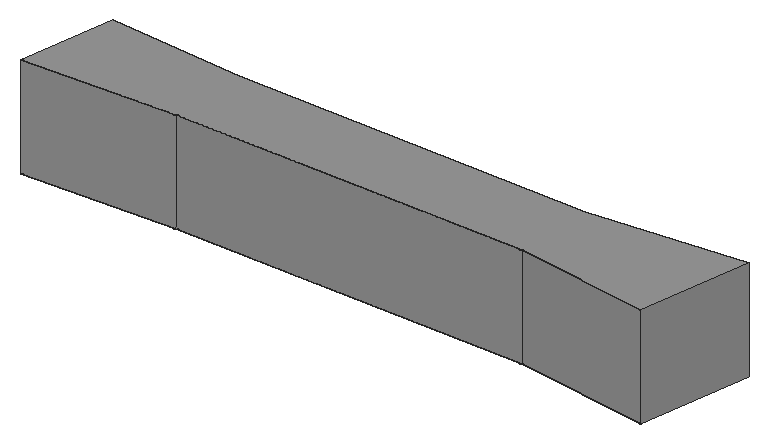
Revit family "RC_TaperBeam", category 構造フレーム, Revit 2024
Family settings
  断面形状 = 未定義
  モデルのマテリアルの動作 = その他
  常にジオメトリとして書き出し = いいえ
  OmniClass 番号 = 23.25.30.11.14.14
  OmniClass タイトル = Beams
  常に垂直 = はい
  ロード時にボイドで切り取り = いいえ
  記号表現 = ファミリから
  共有 = いいえ
  平面図にファミリ プレカットを表示 = はい
Parameters (values of type "RC_TaperBeam")
  Length [instance] = 9000 mm
  下フカシ [instance] = 0 mm
  上フカシ [instance] = 0 mm
  visible_up [instance] = not(下フカシ < 10 mm)  # no
  visible_bottom [instance] = not(上フカシ < 10 mm)  # no
  jw_R2 [instance] = 700 mm
  jw_L2 [instance] = 700 mm
  j_taper_dist [instance] = 1800 mm
  j_center_offset [instance] = 0 mm
  iw_R2 [instance] = 600 mm
  iw_L2 [instance] = 600 mm
  i_taper_offset [instance] = 0 mm
  i_taper_dist [instance] = 1800 mm
  i_column_offset [instance] = 250 mm
  i_center_offset [instance] = 0 mm
  fukashi_up [instance] = if(上フカシ < 10 mm, 1 mm, 上フカシ)  # 1 mm
  fukashi_bottom [instance] = if(下フカシ < 10 mm, 1 mm, 下フカシ)  # 1 mm
  angle [instance] = 0.00°
  H [instance] = 1300 mm
  End_angle [instance] = 80.00°
  Base_W [instance] = 1000 mm
  L [instance] = 8000 mm
Types (16, lengths in mm): name | 下フカシ | 上フカシ | visible_up | visible_bottom | fukashi_up | fukashi_bottom | End_angle | L
  RC_TaperBeam | 0 | 0 | no | no | 1 | 1 | 80.00° | 8000
  GY2 | 50 | 50 | yes | yes | 50 | 50 | 70.00° | 8500
  GY16 | 50 | 50 | yes | yes | 50 | 50 | 70.00° | 8500
  GY1 | 50 | 50 | yes | yes | 50 | 50 | 70.00° | 8500
  GY3 | 50 | 50 | yes | yes | 50 | 50 | 70.00° | 8500
  GY5 | 50 | 50 | yes | yes | 50 | 50 | 70.00° | 8500
  GY15 | 50 | 50 | yes | yes | 50 | 50 | 70.00° | 8500
  GY10 | 50 | 50 | yes | yes | 50 | 50 | 70.00° | 8500
  GY4 | 50 | 50 | yes | yes | 50 | 50 | 70.00° | 8500
  GY2A | 50 | 50 | yes | yes | 50 | 50 | 70.00° | 8500
  GY5A | 50 | 50 | yes | yes | 50 | 50 | 70.00° | 8500
  GY1A | 50 | 50 | yes | yes | 50 | 50 | 70.00° | 8500
  GY4A | 50 | 50 | yes | yes | 50 | 50 | 70.00° | 8500
  GY4BW | 50 | 50 | yes | yes | 50 | 50 | 70.00° | 8500
  GY10D | 0 | 0 | no | no | 1 | 1 | 70.00° | 8500
  GY10A | 0 | 0 | no | no | 1 | 1 | 70.00° | 8500
Reference planes
  plane 1 "中心(正面/背面)": y = 0
  plane 2 "中心立面図": z = 0
  plane 3 "中心(左/右)": x = 0
  plane 4 "左": x = -4250
  plane 5 "部材左": x = -4000
  plane 6 "スティック記号左": x = -1000
  plane 7 "右": x = 4750
  plane 8 "部材右": x = 4000
  plane 9 "スティック記号右": x = 1000
  plane 10: y = 500
  plane 11: y = -500
  plane 12: x = -2200
  plane 13: x = 2200
  plane 14: y = 600
  plane 15: y = -600
  plane 16: y = 700
  plane 17: y = -700
  plane 18: through (-3804.963, 1106.112, 1219.2) normal (0.9848, -0.1736, 0)
  plane 19: through (3767.748, -1317.167, 1219.2) normal (-0.9848, 0.1736, 0)
  plane 20: z = -1300
  plane 21: x = -4000
  plane 22: x = 4000
  plane 23: z = 1
  plane 24: z = -1301
Forms (mm)
  Extrusion 1, solid, material "コンクリート、現場打ち、灰色"
    sketch origin (0, 0, 0) x (1, 0, 0) y (0, 1, 0)
      loop
        line (-2200, 500) -> (-2200, -500) -> (2200, -500) -> (2200, 500) -> (-2200, 500)
    from -1300 to 0
  Extrusion 2, solid, material "コンクリート、現場打ち、灰色"
    sketch origin (0, 0, 0) x (1, 0, 0) y (0, 1, 0)
      loop
        line (-2200, 500) -> (-3894.204, 600) -> (-4105.796, -600) -> (-2200, -500) -> (-2200, 500)
    from -1300 to 0
  Extrusion 3, solid, material "コンクリート、現場打ち、灰色"
    sketch origin (0, 0, 0) x (1, 0, 0) y (0, 1, 0)
      loop
        line (2200, -500) -> (3876.571, -700) -> (4123.429, 700) -> (2200, 500) -> (2200, -500)
    from -1300 to 0
  Extrusion 4, solid, material "コンクリート、現場打ち、灰色(フカシ部)"
    sketch origin (0, 0, 0) x (1, 0, 0) y (0, 1, 0)
      loop
        line (-3894.204, 600) -> (-4105.796, -600) -> (-2200, -500) -> (2200, -500) -> (3876.571, -700) -> (4123.429, 700) -> (2200, 500) -> (-2200, 500) -> (-3894.204, 600)
    from 0 to 1
  Extrusion 5, solid, material "コンクリート、現場打ち、灰色(フカシ部)"
    sketch origin (0, 0, 0) x (1, 0, 0) y (0, 1, 0)
      loop
        line (-3894.204, 600) -> (-4105.796, -600) -> (-2200, -500) -> (2200, -500) -> (3876.571, -700) -> (4123.429, 700) -> (2200, 500) -> (-2200, 500) -> (-3894.204, 600)
    from -1301 to -1300
Cuts and joins
  joined: Extrusion 1, Extrusion 2, Extrusion 3
Lines and regions (mm)
  model lines, style "スティック記号", detail levels coarse
    curve 1: line (-1000, 0, 0) -> (1000, 0, 0)
  reference lines
    curve 2: line (-4000, 0, 0) -> (-3833.298, 945.415, 0)
    curve 3: line (4000, 0, 0) -> (3791.622, -1181.769, 0)
    curve 4: line (-2200, 500, 0) -> (-3894.204, 600, 0)
    curve 5: line (-4105.796, -600, 0) -> (-2200, -500, 0)
    curve 6: line (-2200, -500, 0) -> (-2200, 500, 0)
    curve 7: line (2200, 500, 0) -> (2200, -500, 0)
    curve 8: line (2200, 500, 0) -> (4123.429, 700, 0)
    curve 9: line (3876.571, -700, 0) -> (2200, -500, 0)
Dimensions and locks
  "Length": plane 4 "左" to plane 7 "右"
  equal spacing: plane 11, plane 1 "中心(正面/背面)", plane 10
  "Base_W": plane 11 to plane 10
  plane 12 to plane 13 = 4400 mm
  "iw_L2": plane 1 "中心(正面/背面)" to plane 14
  "iw_R2": plane 15 to plane 1 "中心(正面/背面)"
  "jw_L2": plane 1 "中心(正面/背面)" to plane 16
  "jw_R2": plane 17 to plane 1 "中心(正面/背面)"
  "H": level to plane 20
  "i_taper_dist": plane 21 to plane 12
  "j_taper_dist": plane 13 to plane 22
  equal spacing: plane 21, plane 3 "中心(左/右)", plane 22
  "L": plane 21 to plane 22
  "fukashi_up": plane 23 to plane 2 "中心立面図"
  "fukashi_bottom": plane 24 to plane 20
  "End_angle": angle plane 1 "中心(正面/背面)" to curve 2
  "End_angle": angle plane 1 "中心(正面/背面)" to plane 18
  "End_angle": angle plane 1 "中心(正面/背面)" to curve 3
  "End_angle": angle plane 1 "中心(正面/背面)" to plane 19
  aligned and locked: plane 1 "中心(正面/背面)" to curve 1
  aligned and locked: plane 6 "スティック記号左" to curve 1
  aligned and locked: plane 9 "スティック記号右" to curve 1
  aligned and locked: level to plane 2 "中心立面図"
  aligned and locked: plane 12 to curve 4
  aligned and locked: plane 13 to curve 7
  aligned and locked: plane 21 to plane 5 "部材左"
  aligned and locked: plane 22 to plane 8 "部材右"
  aligned and locked: plane 10 to Extrusion 1 sketch curve
  aligned and locked: Extrusion 1 sketch curve to plane 12
  aligned and locked: Extrusion 1 sketch curve to plane 11
  aligned and locked: plane 13 to Extrusion 1 sketch curve
  aligned and locked: plane 20 to Extrusion 1
  aligned and locked: level to Extrusion 1
  aligned and locked: Extrusion 2 sketch curve to Extrusion 1
  aligned and locked: Extrusion 2 sketch curve to curve 4
  aligned and locked: Extrusion 2 sketch curve to curve 5
  aligned and locked: plane 20 to Extrusion 2
  aligned and locked: level to Extrusion 2
  aligned and locked: Extrusion 3 sketch curve to Extrusion 1
  aligned and locked: Extrusion 3 sketch curve to curve 9
  aligned and locked: plane 20 to Extrusion 3
  aligned and locked: level to Extrusion 3
  aligned and locked: Extrusion 2 sketch curve to plane 18
  aligned and locked: plane 19 to Extrusion 3 sketch curve
  aligned and locked: Extrusion 4 to level
  aligned and locked: plane 23 to Extrusion 4
  aligned and locked: plane 24 to Extrusion 5
  aligned and locked: Extrusion 5 to plane 20
  aligned and locked: Extrusion 5 sketch curve to plane 18
  aligned and locked: Extrusion 5 sketch curve to plane 19
  aligned and locked: curve 4 to Extrusion 5 sketch curve
  aligned and locked: Extrusion 5 sketch curve to curve 5
  aligned and locked: Extrusion 5 sketch curve to curve 8
  aligned and locked: Extrusion 5 sketch curve to curve 9
  aligned and locked: Extrusion 5 sketch curve to plane 10
  aligned and locked: Extrusion 5 sketch curve to plane 11
  aligned and locked: Extrusion 4 sketch curve to plane 18
  aligned and locked: Extrusion 4 sketch curve to curve 5
  aligned and locked: curve 4 to Extrusion 4 sketch curve
  aligned and locked: Extrusion 4 sketch curve to plane 19
  aligned and locked: Extrusion 4 sketch curve to curve 8
  aligned and locked: Extrusion 4 sketch curve to curve 9
  aligned and locked: Extrusion 4 sketch curve to plane 10
  aligned and locked: plane 11 to Extrusion 4 sketch curve
Automatic sketch dimensions
  plane 1 "中心(正面/背面)" to curve 2 = 0 mm
  curve 2 to plane 5 "部材左" = 0 mm
  plane 17 to curve 9 = 0 mm
  curve 9 to plane 19 = 0 mm
  plane 1 "中心(正面/背面)" to curve 3 = 0 mm
  plane 16 to curve 8 = 0 mm
  curve 8 to plane 19 = 0 mm
  plane 11 to curve 5 = 0 mm
  plane 11 to curve 7 = 0 mm
  plane 10 to curve 6 = 0 mm
  plane 10 to curve 7 = 0 mm
  curve 5 to plane 15 = 0 mm
  plane 18 to curve 5 = 0 mm
  plane 14 to curve 4 = 0 mm
  plane 16 to Extrusion 3 sketch curve = 0 mm
  plane 10 to Extrusion 3 sketch curve = 0 mm
